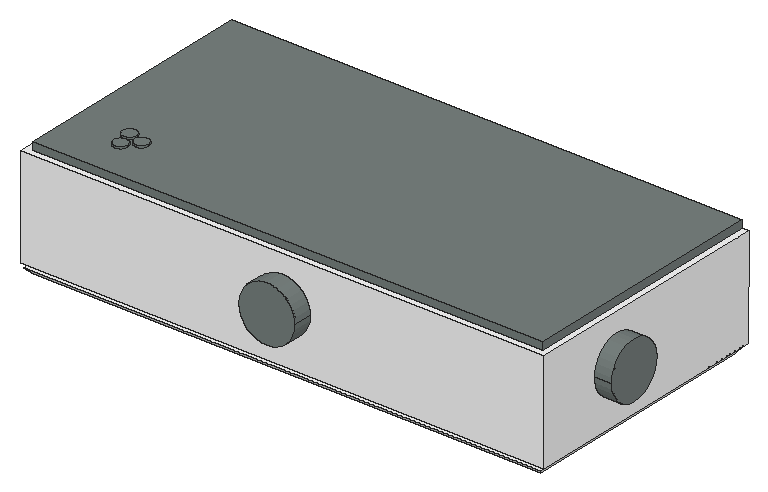
Revit family "AM 150 HHDIDE", category Mechanical Equipment, Revit 2019
Family settings
  Round Connector Dimension = Use Diameter
  Part Type = Normal
  OmniClass Number = 23.75.00.00
  OmniClass Title = Climate Control (HVAC)
  Work Plane-Based = No
  Always vertical = Yes
  Cut with Voids When Loaded = No
  Shared = No
  Room Calculation Point = No
Parameters
  publication date = "09.10.2024"
  Weight (Standard Unit) = 47  # constant formula
  Water Heater Surface Return = 15 mm  # constant formula
  Water Heater Surface IN = 15 mm  # constant formula
  Version number = "1.0"
  URL = "https://www.airmaster-as.com/products/ventilation-units-wall-mounted/am-150"
  Total Width = 1170 mm  # constant formula
  Total Hight = 262 mm  # constant formula
  T-C Duct Supply = 158 mm  # constant formula
  T-C Duct Exhaust = 158 mm  # constant formula
  Supply Air in = 125 mm  # constant formula
  Suply Air In = 160 mm  # constant formula
  Return Air = 125 mm  # constant formula
  R-C Duct Supply = 105 mm  # constant formula
  Phase 1 - Max Power Consumption = "1175 W"
  Phase 1 - Max Current = "7,97 A"
  Nominal current, electrical preheating surface = "4,35 A"
  Nominal current, electrical comfort heating surface = "2,17 A"
  Nominal current, air handling unit = "0,3 A"
  Network Conection = "AWG 24 CAT 5e STP"
  Model = "AM 150 HHDIDE"
  Max. flow rate 35 dB(A) with ePM10 80% filters = 120.00 m³  # constant formula
  Max. flow rate 35 dB(A) with ePM10 55% filters = 137.00 m³  # constant formula
  Max. flow rate 35 dB(A) with ePM10 50% filters = 156.00 m³  # constant formula
  Max. flow rate 30 dB(A) with ePM10 80% filters = 91.00 m³  # constant formula
  Max. flow rate 30 dB(A) with ePM10 55% filters = 98.00 m³  # constant formula
  Max. flow rate 30 dB(A) with ePM10 50% filters = 123.00 m³  # constant formula
  Manufacturer = "Airmaster A/S"
  Maintenance [instance] = no
  L-C Duct Exhaust = 105 mm  # constant formula
  Exhaust Air = 160 mm  # constant formula
  Total Depth = 571 mm  # constant formula
  Electrical connection = "1 ~ 230 V / N / PE / 50 Hz"
  Drawn By = "LSB"
  Condensate = 6 mm  # constant formula
  BMS Panel = "(PTS) 2x2x0,6"
  BMS Out = "(PTS) 2x2x0,6"
  BMS IN = "(PTS) 2x2x0,6"
Reference planes
  plane 1 "Center (Front/Back)": y = 0
  plane 2: z = 0
  plane 3 "Center (Left/Right)": x = 0
  plane 4 "Center L/S": y = -571
  plane 5 "Center L/T": x = -585
  plane 6 "Center L/U": x = 585
  plane 7 "TOP": z = 262
  plane 8 "Center L/V": x = -570
  plane 9 "Center L/W": y = -556
  plane 10 "Center L/X": x = 570
  plane 11 "Panel Buttom": z = 20.747
  plane 12 "Panel Top": z = 246.501
  plane 13 "Hatch": z = 14.5
Forms (mm)
  Extrusion 1, solid, material "AM Grey"
    sketch origin (0, 0, 0) x (1, 0, 0) y (0, 1, 0)
      loop
        line (-570, 0) -> (-570, -556) -> (570, -556) -> (570, 0) -> (-570, 0)
    from 14.5 to 262
  Extrusion 2, solid, material "AM White"
    sketch origin (794.5, -1524, 20.747) x (0, -1, 0) y (-1, 0, 0)
      loop
        line (-1524, 1379.5) -> (-1524, 1364.5) -> (-968, 1364.5) -> (-968, 224.5) -> (-1524, 224.5) -> (-1524, 209.5) -> (-953, 209.5) -> (-953, 1379.5) -> (-1524, 1379.5)
    from 0 to -225.754
  Blend 3, solid, material "AM White"
    base sketch origin (-790.646, -1524, 14.5) x (0, -1, 0) y (1, 0, 0)
      loop
        line (-953, 212.613) -> (-953, 1368.657) -> (-1524, 1368.657) -> (-1524, 212.613) -> (-953, 212.613)
    top sketch origin (-790.646, -1524, 14.5) x (0, -1, 0) y (1, 0, 0)
      loop
        line (-968, 223.963) -> (-968, 1357.646) -> (-1509.161, 1357.646) -> (-1509.161, 223.963) -> (-968, 223.963)
    from 0 to -14.5
  Extrusion 4, solid, material "AM Grey"
    sketch origin (-570, 0, 0) x (1, 0, 0) y (0, 0, -1)
      loop
        circle (1035, -119.501) r 77.16
      loop
        circle (1035, -119.501) r 78
    from 0 to 18.45
  Extrusion 5, solid, material "AM Grey"
    sketch origin (-785, 0, 0) x (1, 0, 0) y (0, 0, -1)
      loop
        circle (290, -119.501) r 78
      loop
        circle (290, -119.501) r 77.16
    from 0 to 18.45
  Extrusion 6, solid, material "Maintenece", visible <- "Maintenance"
    sketch origin (-790.646, -1524, 0) x (1, 0, 0) y (0, -1, 0)
      loop
        line (205.646, -1524) -> (1375.646, -1524) -> (1375.646, -953) -> (205.646, -953) -> (205.646, -1524)
    from 0 to 1200
  Extrusion 7, solid, material "AM Grey"
    sketch origin (-876.982, -12.495, 262) x (1, 0, 0) y (0, 1, 0)
      loop
        circle (423.027, -417.273) r 15.55
    from 0 to 3
  Extrusion 8, solid, material "AM Grey"
    sketch origin (-866.134, 5.874, 262) x (1, 0, 0) y (0, 1, 0)
      loop
        circle (447.132, -446.023) r 15.55
    from 0 to 3
  Extrusion 9, solid, material "AM Grey"
    sketch origin (-855.713, -13.073, 262) x (1, 0, 0) y (0, 1, 0)
      loop
        circle (410.201, -452.535) r 15.55
    from 0 to 3
  Extrusion 10, solid, material "AM Grey"
    sketch origin (585, 0, 20.747) x (0, -1, 0) y (0, 0, -1)
      loop
        circle (369, -122.253) r 62.5
    from 0 to 40
  Extrusion 11, solid, material "AM Grey"
    sketch origin (585, -571, 20.747) x (-1, 0, 0) y (0, 0, -1)
      loop
        circle (585, -122.253) r 62.5
    from 0 to 42
Dimensions and locks
  "Total Depth": plane 4 "Center L/S" to plane 1 "Center (Front/Back)"
  equal spacing: plane 5 "Center L/T", plane 3 "Center (Left/Right)", plane 6 "Center L/U"
  "Total Width": plane 5 "Center L/T" to plane 6 "Center L/U"
  "Total Hight": plane 7 "TOP" to level
  locked: plane 10 "Center L/X" to plane 6 "Center L/U" at 15
  locked: plane 4 "Center L/S" to plane 9 "Center L/W" at 15
  locked: plane 5 "Center L/T" to plane 8 "Center L/V" at 15
  Extrusion 1 to Blend 3 sketch curve = 14.839 mm
  Extrusion 10 sketch curve to plane 1 "Center (Front/Back)" = 369 mm
  Extrusion 11 sketch curve to plane 5 "Center L/T" = 585 mm
  plane 7 "TOP" to Extrusion 11 sketch curve = 119 mm
  diameter of Extrusion 11 sketch curve = 125 mm
  aligned and locked: level to plane 2
  aligned and locked: plane 1 "Center (Front/Back)" to Extrusion 1 sketch curve
  aligned and locked: plane 8 "Center L/V" to Extrusion 1 sketch curve
  aligned and locked: Extrusion 1 sketch curve to plane 9 "Center L/W"
  aligned and locked: Extrusion 1 sketch curve to plane 10 "Center L/X"
  aligned and locked: plane 7 "TOP" to Extrusion 1
  aligned and locked: plane 5 "Center L/T" to Extrusion 2 sketch curve
  aligned and locked: plane 4 "Center L/S" to Extrusion 2 sketch curve
  aligned and locked: plane 6 "Center L/U" to Extrusion 2 sketch curve
  aligned and locked: Extrusion 2 sketch curve to Extrusion 1  (x3)
  aligned and locked: plane 1 "Center (Front/Back)" to Extrusion 2 sketch curve
  aligned and locked: Extrusion 2 to plane 12 "Panel Top"
  aligned and locked: Blend 3 to plane 2
  aligned and locked: plane 13 "Hatch" to Extrusion 1
Automatic sketch dimensions
  plane 1 "Center (Front/Back)" to Extrusion 2 sketch curve = 0 mm
  plane 1 "Center (Front/Back)" to Blend 3 sketch curve = 0 mm
  plane 4 "Center L/S" to Blend 3 sketch curve = 0 mm
  plane 5 "Center L/T" to Blend 3 sketch curve = 6.967 mm
  Blend 3 sketch curve to plane 6 "Center L/U" = 6.989 mm
  plane 9 "Center L/W" to Blend 3 sketch curve = 0 mm
  plane 8 "Center L/V" to Blend 3 sketch curve = 3.316 mm
  Blend 3 sketch curve to plane 10 "Center L/X" = 3 mm
  Extrusion 6 sketch curve to Blend 3 = 18.316 mm
  Extrusion 6 sketch curve to Blend 3 = 18 mm
  Extrusion 6 sketch curve to Blend 3 = 15 mm
  Extrusion 6 sketch curve to Blend 3 = 14.839 mm
  Extrusion 7 sketch curve to Extrusion 1 = 1023.955 mm
  Extrusion 7 sketch curve to Extrusion 1 = 126.232 mm
  Extrusion 8 sketch curve to Extrusion 1 = 989.002 mm
  Extrusion 8 sketch curve to Extrusion 1 = 115.851 mm
  Extrusion 9 sketch curve to Extrusion 1 = 1015.512 mm
  Extrusion 9 sketch curve to Extrusion 1 = 90.392 mm
  Extrusion 2 to Extrusion 10 sketch curve = 103.501 mm
  radius of Extrusion 7 sketch curve = 15.55 mm
  radius of Extrusion 8 sketch curve = 15.55 mm
  radius of Extrusion 9 sketch curve = 15.55 mm
  radius of Extrusion 10 sketch curve = 62.5 mm
Nested families
  nested 1: "Model Label 2019" at (0, -286.924, 0), Label <- "Model", type "Model Label 2019"
    with Label "AM 150 HHDIDE"
Connectors
  electrical at (-453.955, -429.768, 262)
    settings: on Extrusion 7, index 13, voltage 230 V, apparent load 0 VA, apparent load phase1 0 VA, apparent load phase2 0 VA, apparent load phase3 0 VA, power factor 0.55, load classification "Other", number of poles 1, system type 30, power factor state 1, is connector primary yes, connector utility no, sub classification motor no, connector description ""
  electrical at (-419.002, -440.149, 262), driven by "BMS Out"
    settings: on Extrusion 8, index 14, voltage 0 V, apparent load 0 VA, apparent load phase1 0 VA, apparent load phase2 0 VA, apparent load phase3 0 VA, power factor 1, load classification "Other", number of poles 1, system type 5, power factor state 1, is connector primary no, connector utility no, sub classification motor no, connector description "(PTS) 2x2x0,6"
  electrical at (-445.512, -465.608, 262), driven by "BMS IN"
    settings: on Extrusion 9, index 15, voltage 0 V, apparent load 0 VA, apparent load phase1 0 VA, apparent load phase2 0 VA, apparent load phase3 0 VA, power factor 1, load classification "Other", number of poles 1, system type 5, power factor state 1, is connector primary no, connector utility no, sub classification motor no, connector description "(PTS) 2x2x0,6"
  hvac at (0, -571, 143)
    settings: on Extrusion 11, index 19, duct flow 0.0 L/s, flow factor 0, pres drop 0.0 Pa, loss coef 0, conn angle 0.00°, conn width 304.8 mm, conn height 304.8 mm, conn diameter 125 mm, duct sys type 1, conn prof type 0, flow config 2, flow direction 2, loss method 0, conn ref index -1, conn util no, is conn primary yes, conn desc ""
  hvac at (585, -369, 143), driven by "Return Air"
    settings: on Extrusion 10, index 20, duct flow 0.0 L/s, flow factor 0, pres drop 0.0 Pa, loss coef 0, conn angle 0.00°, conn width 304.8 mm, conn height 304.8 mm, conn diameter 125 mm, duct sys type 2, conn prof type 0, flow config 2, flow direction 1, loss method 0, conn ref index -1, conn util no, is conn primary no, conn desc ""
  hvac at (-495, 0, 119.501), driven by "Exhaust Air"
    settings: on Extrusion 5, index 21, duct flow 0.0 L/s, flow factor 0, pres drop 0.0 Pa, loss coef 0, conn angle 0.00°, conn width 304.8 mm, conn height 304.8 mm, conn diameter 160 mm, duct sys type 3, conn prof type 0, flow config 2, flow direction 2, loss method 0, conn ref index -1, conn util no, is conn primary no, conn desc ""
  hvac at (465, 0, 119.501), driven by "Suply Air In"
    settings: on Extrusion 4, index 22, duct flow 0.0 L/s, flow factor 0, pres drop 0.0 Pa, loss coef 0, conn angle 0.00°, conn width 304.8 mm, conn height 304.8 mm, conn diameter 160 mm, duct sys type 1, conn prof type 0, flow config 2, flow direction 1, loss method 0, conn ref index -1, conn util no, is conn primary no, conn desc ""
Definition of nested family "Model Label 2019"
  Parameters (values of type "Model Label 2019")
    Label [instance] = ""
  Reference planes
    plane 1: y = 0
    plane 2: x = 0
  Text (mm)
    label "Label" at (-0.131, 0.049, 0), shows "Label"
